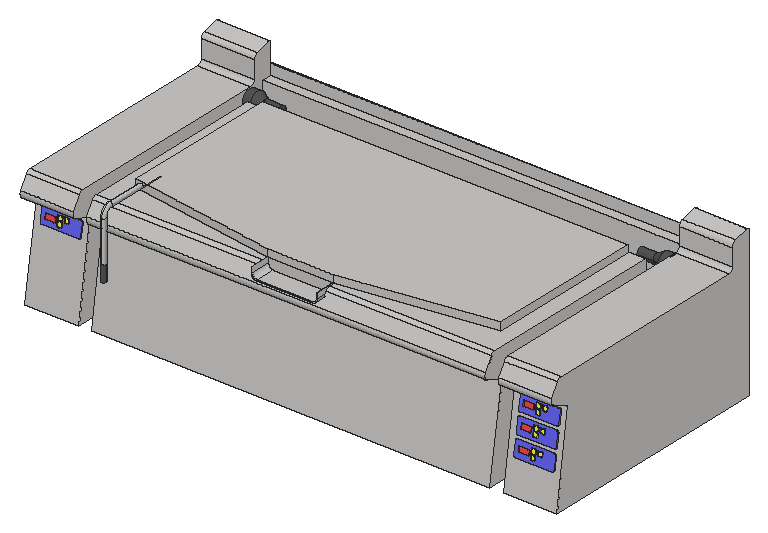
Revit family "QF_CAPIC_PILOTE_W296613", category Equipement spécialisé, Revit 2018
Family settings
  Cote de connecteur circulaire = Utiliser le diamètre
  Type d'élément = Normal
  Numéro OmniClass = 23.40.40.14
  Titre OmniClass = Food Service Equipment
  Basée sur le plan de construction = Non
  Toujours verticalement = Oui
  Couper avec des vides une fois chargée = Non
  Partagée = Non
  Point de calcul de pièce = Non
Parameters (values of type "2000 x 925 x 450 mm")
  URL catalogue = "http://www.capic-fr.com/fr/"
  Type de Raccord Plomberie [instance] = "Raccord 15/21"
  Type de Raccord Electrique [instance] = "Bornier interne"
  Type de Gaz = ""
  Type article [instance] = ""
  Tension = 230 V
  Spécification du Fabricant = ""
  Show Logo [instance] = yes
  Remarques evacuation [instance] = "Ecoulement dans caniveau"
  Remarques Plomberie [instance] = "Eau chaude + froide"
  Remarques Electricité [instance] = "230V x1 +T"
  Puissance électrique  = 500 W
  Puissance Gaz kW = 30
  Profondeur hors tout = 925 mm
  Pression Maximum Eau Adoucie = 0.0 Pa
  Pos Bec = Longueur hors tout / 2  # 1000 mm
  Poids net à vide = 370.00 kg
  Pieds (Option X296001) [instance] = no
  Phase = 3
  Modèle = "W296613"
  Longueur hors tout = 2000 mm
  Intensité nominale = 0 A
  Hauteur hors tout = 570 mm
  Hauteur de Raccordement du Sol Finis = 550 mm
  Hauteur de Raccordement Gaz du Sol Finis = 400 mm
  Hauteur de Raccordement Evacuation Directe du Sol Finis = 0 mm
  Hauteur de Raccordement Eau Froide du Sol Finis = 600 mm
  Hauteur de Raccordement Eau Chaude du Sol Finis = 600 mm
  Hauteur de Raccordement Eau Adoucie du Sol Finis = 0 mm
  Fréquence = 50 Hz
  Fabricant = "CAPIC"
  Débit d'air d'extraction = 1700.0 m³/h
  Débit Gaz = 0.0 L/s
  Débit Eau Froide = 0.0 L/s
  Débit Eau Chaude = 0.0 L/s
  Débit Eau Adoucie = 0.0 L/s
  Diamètre de Raccordement Gaz = 20 mm
  Diamètre de Raccordement Evacuation = 0 mm
  Diamètre de Raccordement Eau Froide = 15 mm
  Diamètre de Raccordement Eau Chaude = 15 mm
  Diamètre de Raccordement Eau Adoucie = 0 mm
  Description = "Sauteuse multifonction 80dm2"
  Assembly Code = ""
  Classification  Omniclass nombre et titre = "23.40.40.14"
Reference planes
  plane 1 "Centre (avant/arrière)": y = 0
  plane 2: z = 0
  plane 3 "Centre (gauche/droite)": x = 1000
  plane 4: x = 1200
  plane 5: x = 2800
  plane 6: x = 3000
  plane 7: x = 1000
  plane 8: x = 1250
  plane 9: x = 2750
  plane 10: x = 2687
  plane 11: x = 1313
  plane 12: x = 2124
  plane 13: x = 1876
  plane 14: x = 2976
  plane 15: x = 1024
  plane 16: y = -690
  plane 17: x = 1333.6
  plane 18: x = 2000
  plane 19: y = -80
  plane 20: y = -757
  plane 21: x = 1100
  plane 22: x = 2900
Forms (mm)
  Extrusion 1, solid, material "QF_Stainless Steel-Brushed"
    sketch origin (2000, 0, 0) x (0, 1, 0) y (0, 0, 1)
      loop
        line (0, 450) -> (0, 1013.429)
        arc (0, 1013.429) -> (-0.782, 1015.016) -> (-2.518, 1015.361) r 2
        line (-2.518, 1015.361) -> (-57.918, 1000.516)
        arc (-57.918, 1000.516) -> (-68.074, 993.73) -> (-72, 982.164) r 19
        line (-72, 982.164) -> (-72, 917)
        arc (-72, 917) -> (-76.979, 904.979) -> (-89, 900) r 17
        line (-89, 900) -> (-879.289, 900)
        arc (-879.289, 900) -> (-889.289, 897.321) -> (-896.61, 890) r 20
        line (-896.61, 890) -> (-922.551, 845.067)
        arc (-922.551, 845.067) -> (-924.025, 828.227) -> (-912.071, 816.274) r 20
        line (-912.071, 816.274) -> (-852.584, 794.622)
        arc (-852.584, 794.622) -> (-849.467, 792.029) -> (-848.71, 788.045) r 6
        line (-848.71, 788.045) -> (-902.251, 450) -> (0, 450)
    from -1000 to -800
  Extrusion 2, solid, material "QF_Stainless Steel-Brushed"
    sketch origin (3640.271, 0, 0) x (0, 1, 0) y (0, 0, 1)
      loop
        line (0, 450) -> (0, 1013.429)
        arc (0, 1013.429) -> (-0.782, 1015.016) -> (-2.518, 1015.361) r 2
        line (-2.518, 1015.361) -> (-57.918, 1000.516)
        arc (-57.918, 1000.516) -> (-68.074, 993.73) -> (-72, 982.164) r 19
        line (-72, 982.164) -> (-72, 917)
        arc (-72, 917) -> (-76.979, 904.979) -> (-89, 900) r 17
        line (-89, 900) -> (-879.289, 900)
        arc (-879.289, 900) -> (-889.289, 897.321) -> (-896.61, 890) r 20
        line (-896.61, 890) -> (-922.551, 845.067)
        arc (-922.551, 845.067) -> (-924.025, 828.227) -> (-912.071, 816.274) r 20
        line (-912.071, 816.274) -> (-852.584, 794.622)
        arc (-852.584, 794.622) -> (-849.467, 792.029) -> (-848.71, 788.045) r 6
        line (-848.71, 788.045) -> (-902.251, 450) -> (0, 450)
    from -840.271 to -640.271
  Extrusion 3, solid, material "QF_Stainless Steel-Brushed"
    sketch origin (2330, 0, 0) x (0, 1, 0) y (0, 0, 1)
      loop
        line (-167.8, 450) -> (-167.8, 900) -> (-879.289, 900)
        arc (-879.289, 900) -> (-889.289, 897.321) -> (-896.61, 890) r 20
        line (-896.61, 890) -> (-922.551, 845.067)
        arc (-922.551, 845.067) -> (-924.025, 828.227) -> (-912.071, 816.274) r 20
        line (-912.071, 816.274) -> (-852.584, 794.622)
        arc (-852.584, 794.622) -> (-849.467, 792.029) -> (-848.71, 788.045) r 6
        line (-848.71, 788.045) -> (-902.251, 450) -> (-167.8, 450)
    from -1080 to 420
  Extrusion 4, solid, material "QF_Stainless Steel-Brushed"
    sketch origin (2000, -494.162, -132.867) x (0, 1, 0) y (0, 0, 1)
      loop
        line (494.162, 1076.367) -> (492.662, 1076.367) -> (492.662, 1032.867) -> (455.662, 1032.867) -> (455.662, 849.104) -> (389.555, 764.49) -> (389.555, 582.867) -> (391.055, 582.867) -> (391.055, 763.974) -> (457.162, 848.587) -> (457.162, 1029.867) -> (494.162, 1029.867) -> (494.162, 1076.367)
    from -800 to 800
  Revolve 5, solid, material "QF_Plastic-Black"
    sketch origin (855.885, -1524, 865) x (-1, 0, 0) y (0, -1, 0)
      loop
        line (-344.115, -1459) -> (-344.115, -1424) -> (-468.115, -1424) -> (-468.115, -1442) -> (-407.115, -1442) -> (-377.115, -1459) -> (-344.115, -1459)
      axis (-344.115, -1424) -> (-468.115, -1424)
    angle from 0 to 360
  Revolve 6, solid, material "QF_Plastic-Black"
    sketch origin (3144.115, -1524, 865) x (1, 0, 0) y (0, 1, 0)
      loop
        line (-344.115, 1459) -> (-377.115, 1459) -> (-407.115, 1442) -> (-468.115, 1442) -> (-468.115, 1424) -> (-344.115, 1424) -> (-344.115, 1459)
      axis (-344.115, 1424) -> (-468.115, 1424)
    angle from 0 to 360
  Extrusion 7, solid, material "QF_Stainless Steel-Brushed"
    sketch origin (363.202, -132.622, 0) x (1, 0, 0) y (0, 1, 0)
      loop
        line (949.798, -43.378) -> (949.798, -639.378) -> (1512.798, -723.378) -> (1760.798, -723.378) -> (2323.798, -639.378) -> (2323.798, -43.378) -> (949.798, -43.378)
    from 900 to 928
  Extrusion 8, solid, material "QF_Stainless Steel-Brushed"
    sketch origin (2000, 0, 0) x (0, 1, 0) y (0, 0, 1)
      loop
        circle (-690, 670) r 45
    from -800 to -750
  Extrusion 9, solid, material "QF_Stainless Steel-Brushed"
    sketch origin (2000, 0, 0) x (0, 1, 0) y (0, 0, -1)
      loop
        circle (-690, -670) r 45
    from -800 to -750
  Sweep 10, solid, material "QF_Stainless Steel-Brushed"
    path origin (1333.6, 444.623, 4000) x (0, 1, 0) y (0, 0, 1)
      loop
        line (-1134.623, -3085) -> (-1364.623, -3085)
        arc (-1364.623, -3085) -> (-1385.836, -3093.787) -> (-1394.623, -3115) r 30
        line (-1394.623, -3115) -> (-1394.623, -3271.5)
    profile origin (1333.6, -805, 915) x (0, 0, -1) y (1, 0, 0)
      loop
        circle (0, 0) r 8
  Extrusion 11, solid, material "QF_Stainless Steel-Brushed"
    sketch origin (1703.331, 0, -242.806) x (1, 0, 0) y (0, 0, 1)
      loop
        line (171.669, 1142.806) -> (171.669, 1122.806)
        arc (171.669, 1122.806) -> (177.527, 1108.664) -> (191.669, 1102.806) r 20
        line (191.669, 1102.806) -> (401.669, 1102.806)
        arc (401.669, 1102.806) -> (415.811, 1108.664) -> (421.669, 1122.806) r 20
        line (421.669, 1122.806) -> (421.669, 1142.806) -> (418.669, 1142.806) -> (418.669, 1122.806)
        arc (418.669, 1122.806) -> (413.69, 1110.786) -> (401.669, 1105.806) r 17
        line (401.669, 1105.806) -> (191.669, 1105.806)
        arc (191.669, 1105.806) -> (179.648, 1110.786) -> (174.669, 1122.806) r 17
        line (174.669, 1122.806) -> (174.669, 1142.806) -> (171.669, 1142.806)
    from 856 to 932
  Extrusion 12, void
    sketch origin (2000, 0, 0) x (1, 0, 0) y (0, 0, 1)
      loop
        line (-125, 900) -> (-125, 880)
        arc (-125, 880) -> (-119.142, 865.858) -> (-105, 860) r 20
        line (-105, 860) -> (105, 860)
        arc (105, 860) -> (119.142, 865.858) -> (125, 880) r 20
        line (125, 880) -> (125, 900) -> (-125, 900)
    from 856 to 932
  Extrusion 13, solid, material "QF_Plastic-Black"
    sketch origin (2000, 0, 0) x (1, 0, 0) y (0, 1, 0)
      loop
        circle (-666.4, -949.574) r 10
    from 670 to 728.5
  Revolve 14, solid, material "QF_Stainless Steel-Brushed", visible <- "Pieds (Option X296001)"
    sketch origin (1100, -1524, 1213.106) x (0, 0, 1) y (0, -1, 0)
      loop
        line (-763.106, -1488) -> (-763.106, -1444) -> (-1213.106, -1444) -> (-1213.106, -1484) -> (-1205.106, -1484) -> (-1188.792, -1452) -> (-1143.106, -1452) -> (-1143.106, -1488) -> (-763.106, -1488)
      axis (-1213.106, -1444) -> (-763.106, -1444)
    angle from 0 to 360
  Revolve 15, solid, material "QF_Stainless Steel-Brushed", visible <- "Pieds (Option X296001)"
    sketch origin (2900, -1524, 1373.181) x (0, 0, 1) y (0, -1, 0)
      loop
        line (-923.181, -1488) -> (-923.181, -1444) -> (-1373.181, -1444) -> (-1373.181, -1484) -> (-1365.181, -1484) -> (-1348.866, -1452) -> (-1303.181, -1452) -> (-1303.181, -1488) -> (-923.181, -1488)
      axis (-1373.181, -1444) -> (-923.181, -1444)
    angle from 0 to 360
  Revolve 16, solid, material "QF_Stainless Steel-Brushed", visible <- "Pieds (Option X296001)"
    sketch origin (1100, -2201, 1213.106) x (0, 0, 1) y (0, -1, 0)
      loop
        line (-763.106, -1488) -> (-763.106, -1444) -> (-1213.106, -1444) -> (-1213.106, -1484) -> (-1205.106, -1484) -> (-1188.792, -1452) -> (-1143.106, -1452) -> (-1143.106, -1488) -> (-763.106, -1488)
      axis (-1213.106, -1444) -> (-763.106, -1444)
    angle from 0 to 360
  Revolve 17, solid, material "QF_Stainless Steel-Brushed", visible <- "Pieds (Option X296001)"
    sketch origin (2900, -2201, 1373.181) x (0, 0, 1) y (0, -1, 0)
      loop
        line (-923.181, -1488) -> (-923.181, -1444) -> (-1373.181, -1444) -> (-1373.181, -1484) -> (-1365.181, -1484) -> (-1348.866, -1452) -> (-1303.181, -1452) -> (-1303.181, -1488) -> (-923.181, -1488)
      axis (-1373.181, -1444) -> (-923.181, -1444)
    angle from 0 to 360
Cuts and joins
  Extrusion 12 cuts Extrusion 3
Lines and regions (mm)
  symbolic lines, style "SpecialityEquipment"
    curve 1: line (1000, -58.953, 1085.565) -> (1000, -118.218, 1762.978)
    curve 2: line (1000, -86.846, 1083.125) -> (1000, -58.953, 1085.565)
    curve 3: line (1000, -146.112, 1760.537) -> (1000, -86.846, 1083.125)
    curve 4: line (1000, -118.218, 1762.978) -> (1000, -146.112, 1760.537)
    curve 5: line (1000, -303.472, 1838.118) -> (1000, -168.986, 1849.884)
    curve 6: line (1000, -302.078, 1822.179) -> (1000, -167.591, 1833.945)
    curve 7: line (1000, -139.139, 1761.148) -> (1000, -143.758, 1813.946)
    curve 8: line (1000, -123.199, 1762.542) -> (1000, -127.819, 1815.34)
    curve 9: arc (1000, -167.591, 1833.945) -> (1000, -151.533, 1828.881) -> (1000, -143.758, 1813.946) r 22
    curve 10: arc (1000, -168.986, 1849.884) -> (1000, -141.248, 1841.138) -> (1000, -127.819, 1815.34) r 38
    curve 13: line (0, -370.766, 1804.123) -> (0, -301.686, 1817.696)
    curve 15: line (1000, -303.472, 1838.118) -> (1000, -303.864, 1842.601)
    curve 16: line (1000, -301.686, 1817.696) -> (1000, -302.078, 1822.179)
  symbolic lines, style "SpecialityEquipmentHiddenLines"
    curve 11: arc (1000, -179.175, 1755.536) -> (1000, -670.405, 1488.997) -> (1000, -885.671, 973.235) r 840
    curve 12: line (0, -303.864, 1842.601) -> (0, -374.252, 1843.971)
    curve 14: arc (0, -374.252, 1843.971) -> (0, -392.433, 1822.304) -> (0, -370.766, 1804.123) r 20
Dimensions and locks
  locked: plane 5 to plane 6 at 200
  locked: plane 7 to plane 4 at 200
  "Longueur hors tout": plane 7 to plane 6
  locked: plane 4 to plane 8 at 50
  locked: plane 9 to plane 5 at 50
  locked: plane 8 to plane 11 at 63
  locked: plane 10 to plane 9 at 63
  locked: plane 13 to plane 12 at 248
  locked: plane 6 to plane 14 at 24
  locked: plane 7 to plane 15 at 24
  locked: plane 8 to plane 17 at 83.6
  "Pos Bec": plane 7 to plane 18
  equal spacing: plane 13, plane 18, plane 12
  locked: plane 19 to plane 1 "Centre (avant/arrière)" at 80
  locked: plane 20 to plane 19 at 677
  locked: plane 21 to plane 7 at 100
  locked: plane 6 to plane 22 at 100
  aligned and locked: level to plane 2
  aligned and locked: plane 4 to Extrusion 1
  aligned and locked: plane 6 to Extrusion 2
  aligned and locked: Extrusion 1 to plane 7
  aligned and locked: Extrusion 2 to plane 5
  aligned and locked: Extrusion 3 to plane 8
  aligned and locked: plane 9 to Extrusion 3
  aligned and locked: plane 5 to Extrusion 4
  aligned and locked: Extrusion 4 to plane 4
  aligned and locked: Extrusion 4 to Extrusion 7
  aligned and locked: plane 11 to Extrusion 7
  aligned and locked: plane 10 to Extrusion 7
  aligned and locked: plane 13 to Extrusion 7 sketch curve
  aligned and locked: plane 12 to Extrusion 7 sketch curve
  aligned and locked: Extrusion 8 to plane 4
  aligned and locked: Extrusion 8 to Extrusion 3
  aligned and locked: plane 5 to Extrusion 9
  aligned and locked: Extrusion 9 to plane 9
  aligned and locked: plane 17 to Extrusion 13 sketch curve
  aligned and locked: Extrusion 13 to Sweep 10
  aligned and locked: nested 1 to plane 15
  aligned and locked: nested 2 to plane 14
  aligned and locked: plane 19 to Revolve 14 sketch curve  (x2)
  aligned and locked: nested 3 to plane 14
  aligned and locked: nested 4 to plane 14
Automatic sketch dimensions
  curve 9 to curve 10 = 0 mm  (x2)
  curve 15 to plane 19 = 223.472 mm
  curve 5 to curve 16 = 1.394 mm
  curve 5 to plane 19 = 88.986 mm
  curve 10 to curve 6 = 1.394 mm
  curve 9 to curve 9 = 1.917 mm
  curve 9 to curve 3 = 19.562 mm
  curve 9 to curve 7 = 21.916 mm
  curve 7 to curve 8 = 15.939 mm
  curve 3 to curve 4 = 27.893 mm
  curve 2 to plane 19 = 6.846 mm
  plane 19 to curve 11 = 33 mm
  level to curve 11 = 926 mm
  curve 11 to curve 2 = 157.125 mm
  curve 2 to curve 2 = 2.44 mm
  curve 3 to curve 10 = 51.491 mm
  curve 9 to curve 7 = 1.917 mm
  curve 7 to curve 8 = 1.394 mm
  curve 6 to curve 9 = 11.766 mm
  curve 6 to curve 15 = 15.939 mm
  curve 15 to curve 5 = 0.392 mm
  curve 11 to plane 20 = 128.671 mm
  curve 6 to curve 16 = 0.392 mm
  curve 11 to curve 3 = 33.063 mm
  curve 11 to curve 2 = 109.89 mm
  curve 12 to plane 19 = 294.252 mm
  curve 12 to curve 14 = 1.743 mm
  curve 14 to curve 13 = 1.743 mm
  level to curve 13 = 1804.123 mm
  curve 13 to curve 14 = 19.924 mm
  curve 12 to curve 12 = 70.387 mm
  curve 12 to curve 13 = 2.179 mm
  curve 13 to curve 13 = 13.572 mm
  curve 13 to curve 12 = 24.905 mm
  Extrusion 1 sketch curve to Extrusion 1 sketch curve = 2 mm
  Extrusion 1 sketch curve to Extrusion 1 sketch curve = 0.518 mm
  plane 19 to Extrusion 1 sketch curve = 27 mm
  Extrusion 1 sketch curve to Extrusion 1 sketch curve = 4.918 mm
  plane 19 to Extrusion 1 sketch curve = 8 mm
  Extrusion 1 sketch curve to plane 19 = 9 mm
  Extrusion 1 sketch curve to plane 20 = 91.71 mm
  Extrusion 1 sketch curve to Extrusion 1 sketch curve = 3.874 mm
  Extrusion 1 sketch curve to Extrusion 1 sketch curve = 2.052 mm
  Extrusion 1 sketch curve to Extrusion 1 sketch curve = 26.705 mm
  Extrusion 1 sketch curve to Extrusion 1 sketch curve = 17.321 mm  (x2)
  Extrusion 1 sketch curve to plane 20 = 145.251 mm
  Extrusion 1 sketch curve to Extrusion 1 sketch curve = 25.942 mm
  Extrusion 1 sketch curve to Extrusion 1 sketch curve = 6.84 mm
  Extrusion 1 sketch curve to Extrusion 1 sketch curve = 338.045 mm
  Extrusion 1 sketch curve to Extrusion 1 sketch curve = 0.939 mm
  Extrusion 1 sketch curve to Extrusion 1 sketch curve = 21.652 mm
  Extrusion 1 sketch curve to Extrusion 1 sketch curve = 18.794 mm
  Extrusion 1 sketch curve to Extrusion 1 sketch curve = 44.933 mm
  Extrusion 1 sketch curve to Extrusion 1 sketch curve = 10 mm
  Extrusion 1 sketch curve to Extrusion 1 sketch curve = 65.164 mm
  Extrusion 1 sketch curve to Extrusion 1 sketch curve = 12.913 mm
  Extrusion 2 sketch curve to Extrusion 2 sketch curve = 2 mm
  Extrusion 2 sketch curve to Extrusion 2 sketch curve = 0.518 mm
  plane 19 to Extrusion 2 sketch curve = 27 mm
  Extrusion 2 sketch curve to Extrusion 2 sketch curve = 4.918 mm
  plane 19 to Extrusion 2 sketch curve = 8 mm
  Extrusion 2 sketch curve to plane 19 = 9 mm
  Extrusion 2 sketch curve to plane 20 = 91.71 mm
  Extrusion 2 sketch curve to Extrusion 2 sketch curve = 3.874 mm
  Extrusion 2 sketch curve to Extrusion 2 sketch curve = 2.052 mm
  Extrusion 2 sketch curve to Extrusion 2 sketch curve = 26.705 mm
  Extrusion 2 sketch curve to Extrusion 2 sketch curve = 17.321 mm  (x2)
  Extrusion 2 sketch curve to plane 20 = 145.251 mm
  Extrusion 2 sketch curve to Extrusion 2 sketch curve = 25.942 mm
  Extrusion 2 sketch curve to Extrusion 2 sketch curve = 6.84 mm
  Extrusion 2 sketch curve to Extrusion 2 sketch curve = 338.045 mm
  Extrusion 2 sketch curve to Extrusion 2 sketch curve = 0.939 mm
  Extrusion 2 sketch curve to Extrusion 2 sketch curve = 21.652 mm
  Extrusion 2 sketch curve to Extrusion 2 sketch curve = 18.794 mm
  Extrusion 2 sketch curve to Extrusion 2 sketch curve = 44.933 mm
  Extrusion 2 sketch curve to Extrusion 2 sketch curve = 10 mm
  Extrusion 2 sketch curve to Extrusion 2 sketch curve = 65.164 mm
  Extrusion 2 sketch curve to Extrusion 2 sketch curve = 12.913 mm
  Extrusion 3 sketch curve to plane 20 = 165.551 mm
  Extrusion 3 sketch curve to Extrusion 3 sketch curve = 10.48 mm
  Extrusion 3 sketch curve to Extrusion 3 sketch curve = 17.321 mm  (x2)
  Extrusion 3 sketch curve to plane 20 = 145.251 mm
  Extrusion 3 sketch curve to Extrusion 3 sketch curve = 25.942 mm
  Extrusion 3 sketch curve to Extrusion 3 sketch curve = 57.435 mm
  Extrusion 3 sketch curve to Extrusion 3 sketch curve = 2.052 mm
  Extrusion 3 sketch curve to Extrusion 3 sketch curve = 5.926 mm
  Extrusion 3 sketch curve to plane 19 = 87.8 mm
  level to Extrusion 3 sketch curve = 450 mm
  Extrusion 3 sketch curve to Extrusion 3 sketch curve = 338.045 mm
  Extrusion 3 sketch curve to Extrusion 3 sketch curve = 0.939 mm
  Extrusion 3 sketch curve to Extrusion 3 sketch curve = 21.652 mm
  Extrusion 3 sketch curve to Extrusion 3 sketch curve = 18.794 mm
  Extrusion 3 sketch curve to Extrusion 3 sketch curve = 44.933 mm
  Extrusion 3 sketch curve to Extrusion 3 sketch curve = 10 mm
  Extrusion 4 sketch curve to plane 1 "Centre (avant/arrière)" = 0 mm
  Extrusion 4 sketch curve to Extrusion 4 sketch curve = 1.5 mm  (x3)
  Extrusion 4 sketch curve to Extrusion 4 sketch curve = 35.5 mm
  Extrusion 4 sketch curve to plane 19 = 23.107 mm
  level to Extrusion 4 sketch curve = 450 mm
  Extrusion 4 sketch curve to Extrusion 4 sketch curve = 181.107 mm
  Extrusion 4 sketch curve to Extrusion 4 sketch curve = 0.516 mm  (x2)
  Extrusion 4 sketch curve to Extrusion 4 sketch curve = 84.613 mm
  Extrusion 4 sketch curve to Extrusion 4 sketch curve = 180.763 mm
  Extrusion 4 sketch curve to Extrusion 4 sketch curve = 3 mm
  Extrusion 4 sketch curve to Extrusion 4 sketch curve = 43.5 mm
  Revolve 5 sketch curve to plane 4 = 0 mm  (x2)
  Revolve 5 sketch curve to plane 8 = 17 mm
  Revolve 5 sketch curve to plane 19 = 2 mm
  plane 8 to Revolve 5 sketch curve = 13 mm
  Revolve 5 sketch curve to plane 17 = 9.6 mm
  plane 19 to Revolve 5 sketch curve = 15 mm
  Revolve 5 sketch curve to Revolve 5 sketch curve = 18 mm
  Revolve 5 sketch curve to Revolve 5 sketch curve = 0 mm  (x2)
  Revolve 6 sketch curve to plane 5 = 0 mm  (x2)
  plane 9 to Revolve 6 sketch curve = 17 mm
  Revolve 6 sketch curve to plane 19 = 2 mm
  Revolve 6 sketch curve to plane 9 = 13 mm
  plane 10 to Revolve 6 sketch curve = 11 mm
  Revolve 6 sketch curve to Revolve 6 sketch curve = 18 mm
  plane 19 to Revolve 6 sketch curve = 15 mm
  Revolve 6 sketch curve to Revolve 6 sketch curve = 0 mm  (x2)
  Extrusion 7 sketch curve to plane 11 = 0 mm
  Extrusion 7 sketch curve to plane 10 = 0 mm
  Extrusion 7 sketch curve to plane 20 = 99 mm
  Extrusion 7 sketch curve to plane 20 = 15 mm  (x2)
  Extrusion 7 sketch curve to plane 19 = 96 mm
  Extrusion 8 sketch curve to plane 16 = 0 mm
  level to Extrusion 8 sketch curve = 670 mm
  Extrusion 9 sketch curve to plane 16 = 0 mm
  level to Extrusion 9 sketch curve = 670 mm
  Sweep 10 sketch curve to plane 16 = 0 mm
  Sweep 10 sketch curve to plane 20 = 163 mm
  Sweep 10 sketch curve to Sweep 10 sketch curve = 30 mm
  level to Sweep 10 sketch curve = 885 mm
  Sweep 10 sketch curve to Sweep 10 sketch curve = 156.5 mm
  Sweep 10 sketch curve to plane 17 = 0 mm
  Sweep 10 sketch curve to profile plane = 0 mm
  Extrusion 11 sketch curve to Extrusion 11 sketch curve = 0 mm  (x4)
  plane 13 to Extrusion 11 sketch curve = 1 mm
  Extrusion 11 sketch curve to plane 13 = 2 mm
  Extrusion 11 sketch curve to Extrusion 11 sketch curve = 17 mm
  plane 12 to Extrusion 11 sketch curve = 19 mm
  plane 12 to Extrusion 11 sketch curve = 2 mm
  level to Extrusion 11 sketch curve = 860 mm
  Extrusion 11 sketch curve to Extrusion 11 sketch curve = 20 mm  (x2)
  plane 13 to Extrusion 12 sketch curve = 1 mm
  Extrusion 12 sketch curve to plane 13 = 19 mm
  plane 12 to Extrusion 12 sketch curve = 19 mm
  Extrusion 12 sketch curve to plane 12 = 1 mm
  level to Extrusion 12 sketch curve = 860 mm
  Extrusion 12 sketch curve to Extrusion 12 sketch curve = 20 mm
  Extrusion 13 sketch curve to plane 20 = 192.574 mm
  Revolve 14 sketch curve to level = 0 mm
  level to Revolve 14 sketch curve = 8 mm
  plane 19 to Revolve 14 sketch curve = 8 mm
  level to Revolve 14 sketch curve = 24.315 mm
  Revolve 14 sketch curve to Revolve 14 sketch curve = 45.685 mm
  plane 1 "Centre (avant/arrière)" to Revolve 14 sketch curve = 36 mm
  Revolve 14 sketch curve to Revolve 14 sketch curve = 380 mm
  Revolve 14 sketch curve to Revolve 14 sketch curve = 40 mm
  Revolve 14 sketch curve to Revolve 14 sketch curve = 20 mm
  Revolve 14 sketch curve to Revolve 14 sketch curve = 120 mm
  Revolve 15 sketch curve to level = 0 mm
  Revolve 15 sketch curve to plane 19 = 0 mm  (x2)
  level to Revolve 15 sketch curve = 8 mm
  plane 19 to Revolve 15 sketch curve = 8 mm
  level to Revolve 15 sketch curve = 24.315 mm
  Revolve 15 sketch curve to Revolve 15 sketch curve = 45.685 mm
  plane 1 "Centre (avant/arrière)" to Revolve 15 sketch curve = 36 mm
  Revolve 15 sketch curve to Revolve 15 sketch curve = 380 mm
  Revolve 15 sketch curve to Revolve 15 sketch curve = 40 mm
  Revolve 15 sketch curve to Revolve 15 sketch curve = 20 mm
  Revolve 15 sketch curve to Revolve 15 sketch curve = 120 mm
  Revolve 16 sketch curve to level = 0 mm
  Revolve 16 sketch curve to plane 20 = 0 mm  (x2)
  Revolve 16 sketch curve to Revolve 16 sketch curve = 8 mm
  plane 20 to Revolve 16 sketch curve = 8 mm
  level to Revolve 16 sketch curve = 24.315 mm
  Revolve 16 sketch curve to Revolve 16 sketch curve = 45.685 mm
  Revolve 16 sketch curve to plane 16 = 23 mm
  Revolve 16 sketch curve to Revolve 16 sketch curve = 380 mm
  Revolve 16 sketch curve to plane 16 = 27 mm
  Revolve 16 sketch curve to Revolve 16 sketch curve = 20 mm
  Revolve 16 sketch curve to Revolve 16 sketch curve = 120 mm
  Revolve 17 sketch curve to level = 0 mm
  Revolve 17 sketch curve to plane 20 = 0 mm  (x2)
  level to Revolve 17 sketch curve = 8 mm
  plane 20 to Revolve 17 sketch curve = 8 mm
  level to Revolve 17 sketch curve = 24.315 mm
  Revolve 17 sketch curve to Revolve 17 sketch curve = 45.685 mm
  Revolve 17 sketch curve to plane 16 = 23 mm
  Revolve 17 sketch curve to Revolve 17 sketch curve = 380 mm
  Revolve 17 sketch curve to plane 16 = 27 mm
  Revolve 17 sketch curve to Revolve 17 sketch curve = 20 mm
  Revolve 17 sketch curve to Revolve 17 sketch curve = 120 mm
  plane 1 "Centre (avant/arrière)" to Extrusion 1 sketch curve = 0 mm
  level to Extrusion 1 sketch curve = 450 mm
  plane 1 "Centre (avant/arrière)" to Extrusion 2 sketch curve = 0 mm
  level to Extrusion 2 sketch curve = 450 mm
  radius of Extrusion 8 sketch curve = 45 mm
  radius of Extrusion 9 sketch curve = 45 mm
  radius of Sweep 10 sketch curve = 8 mm
  radius of Extrusion 13 sketch curve = 10 mm
Nested families
  nested 1: "QF_Details_CarteCde" at (1024, 1.452, 0), type "QF_Details_CarteCde"
  nested 2: "QF_Details_CarteCde" at (2824, 1.452, 0), type "QF_Details_CarteCde"
  nested 3: "QF_Details_CarteCde" at (2824, -10, -71.736), type "QF_Details_CarteCde"
  nested 4: "QF_Details_CarteCde" at (2824, -21.381, -144.163), type "QF_Details_CarteCde"
Definition of nested family "QF_Details_CarteCde"
  Reference planes
    plane 1 "Centre (avant/arrière)": y = 0
    plane 2: z = 0
    plane 3 "Centre (gauche/droite)": x = 0
  Forms (mm)
    Extrusion 1, solid
      sketch origin (0, -975.563, -3.706) x (1, 0, 0) y (0, 0.156434, 0.987688)
        loop
          arc (7, 787.388) -> (2.05, 785.338) -> (0, 780.388) r 7
          line (0, 780.388) -> (0, 735.388)
          arc (0, 735.388) -> (2.05, 730.439) -> (7, 728.388) r 7
          line (7, 728.388) -> (145, 728.388)
          arc (145, 728.388) -> (149.95, 730.439) -> (152, 735.388) r 7
          line (152, 735.388) -> (152, 780.388)
          arc (152, 780.388) -> (149.95, 785.338) -> (145, 787.388) r 7
          line (145, 787.388) -> (7, 787.388)
        loop
          line (15, 767.388) -> (15, 748.388) -> (54, 748.388) -> (54, 767.388) -> (15, 767.388)
        loop
          line (74, 776.917) -> (61, 776.917) -> (61, 763.917)
          arc (61, 763.917) -> (62.172, 761.089) -> (65, 759.917) r 4
          line (65, 759.917) -> (78, 759.917) -> (78, 772.917)
          arc (78, 772.917) -> (76.828, 775.745) -> (74, 776.917) r 4
        loop
          line (99, 776.917) -> (86, 776.917) -> (86, 763.917)
          arc (86, 763.917) -> (87.172, 761.089) -> (90, 759.917) r 4
          line (90, 759.917) -> (103, 759.917) -> (103, 772.917)
          arc (103, 772.917) -> (101.828, 775.745) -> (99, 776.917) r 4
        loop
          line (74, 756.917) -> (61, 756.917) -> (61, 743.917)
          arc (61, 743.917) -> (62.172, 741.089) -> (65, 739.917) r 4
          line (65, 739.917) -> (78, 739.917) -> (78, 752.917)
          arc (78, 752.917) -> (76.828, 755.745) -> (74, 756.917) r 4
      from 0 to 0.5
    Extrusion 2, solid
      sketch origin (0, -973.53, 9.132) x (1, 0, 0) y (0, 0.156434, 0.987688)
        loop
          line (15, 754.391) -> (15, 735.391) -> (54, 735.391) -> (54, 754.391) -> (15, 754.391)
      from 0 to 0.5
    Extrusion 3, solid
      sketch origin (0, -973.53, 9.132) x (1, 0, 0) y (0, 0.156434, 0.987688)
        loop
          line (61, 763.919) -> (61, 750.919)
          arc (61, 750.919) -> (62.172, 748.091) -> (65, 746.919) r 4
          line (65, 746.919) -> (78, 746.919) -> (78, 759.919)
          arc (78, 759.919) -> (76.828, 762.748) -> (74, 763.919) r 4
          line (74, 763.919) -> (61, 763.919)
      from 0 to 0.5
    Extrusion 4, solid
      sketch origin (0, -976.658, -10.622) x (1, 0, 0) y (0, 0.156434, 0.987688)
        loop
          line (61, 763.919) -> (61, 750.919)
          arc (61, 750.919) -> (62.172, 748.091) -> (65, 746.919) r 4
          line (65, 746.919) -> (78, 746.919) -> (78, 759.919)
          arc (78, 759.919) -> (76.828, 762.748) -> (74, 763.919) r 4
          line (74, 763.919) -> (61, 763.919)
      from 0 to 0.5
    Extrusion 5, solid
      sketch origin (25, -973.53, 9.132) x (1, 0, 0) y (0, 0.156434, 0.987688)
        loop
          line (61, 763.919) -> (61, 750.919)
          arc (61, 750.919) -> (62.172, 748.091) -> (65, 746.919) r 4
          line (65, 746.919) -> (78, 746.919) -> (78, 759.919)
          arc (78, 759.919) -> (76.828, 762.748) -> (74, 763.919) r 4
          line (74, 763.919) -> (61, 763.919)
      from 0 to 0.5
  Dimensions and locks
    aligned and locked: level to plane 2
